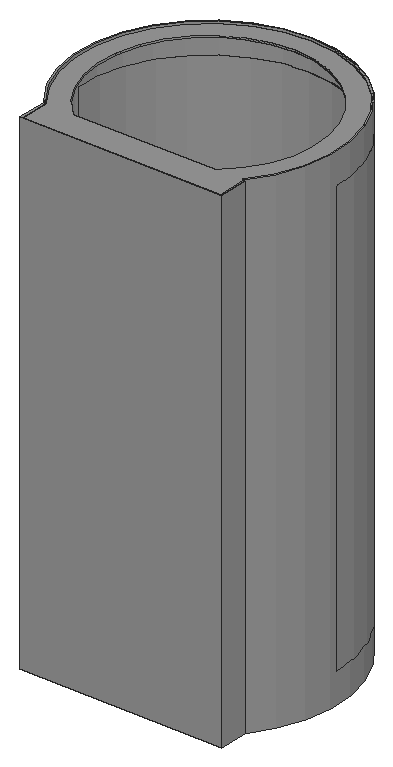
Revit family "3325 Björk_Waste bin", category Furniture Systems, host Wall, Revit 2017
Family settings
  Host = Wall
  Round Connector Dimension = Use Diameter
  Part Type = Normal
  Always vertical = Yes
  Cut with Voids When Loaded = No
  Shared = No
  Room Calculation Point = No
Parameters (values of type "BLACK")
  URL = "http://www.dandryer.com/en-gb/products/waste-sanitary-bins"
  Manufacturer = "Dan Dryer A/S"
  Karosseri = BLACK
  Front = BLACK
  Description = "Waste bin"
Reference planes
  plane 1 "Wall": y = 0
  plane 2 "Center (Left/Right)": x = 125
  plane 3 "Back": y = 75
Text (mm)
  text "Placement Side" at (-1848.837, 1116.779, 0), in view "Ref. Level"
  text "Placement side" at (0, 1409.804, 2854.306), in view "Left"
  text "Placement side" at (0, 499.811, 2980.732), in view "Right"
Dimensions and locks
  locked: plane 3 "Back" to host wall
  aligned and locked: plane 1 "Wall" to host wall
  aligned and locked: nested 1 to plane 3 "Back"
Nested families
  nested 1: "Master 3320 Waste bin" at (123.673, 75, 360) x (-1, 0, 0) z (0, 0, 1), type "Master 3320 Waste bin"
Definition of nested family "Master 3320 Waste bin"
  Parameters (values of type "Master 3320 Waste bin")
    Karosseri = none
    Front = none
  Reference planes
    plane 1 "Center (Front/Back)": y = 0
    plane 2: z = 0
    plane 3 "Center (Left/Right)": x = 0
  Forms (mm)
    Extrusion 1, solid, material <- "Karosseri"
      sketch origin (0, -111, 0) x (1, 0, 0) y (0, 1, 0)
        loop
          arc (-101.5, 81.227) -> (0, -130) -> (101.5, 81.227) r 130
          line (101.5, 81.227) -> (99.572, 81.227)
          arc (99.572, 81.227) -> (0, -128.5) -> (-99.572, 81.227) r 128.5
          line (-99.572, 81.227) -> (-101.5, 81.227)
      from 0 to 500
    Extrusion 2, solid, material <- "Karosseri"
      sketch origin (0, -111, 0) x (1, 0, 0) y (0, 1, 0)
        loop
          line (-101.5, 111) -> (-101.5, 81.227) -> (-99.572, 81.227) -> (-99.572, 109.5) -> (99.572, 109.5) -> (99.572, 81.227) -> (101.5, 81.227) -> (101.5, 111) -> (-101.5, 111)
      from 0 to 498
    Extrusion 3, solid, material <- "Karosseri"
      sketch origin (-149.841, -111, 498) x (0, -1, 0) y (-1, 0, 0)
        loop
          line (-81.227, -77.907) -> (-81.227, -221.775)
          arc (-81.227, -221.775) -> (108.5, -149.841) -> (-81.227, -77.907) r 108.5
        loop
          arc (-81.227, -249.413) -> (128.5, -149.841) -> (-81.227, -50.27) r 128.5
          line (-81.227, -50.27) -> (-109.5, -50.27) -> (-109.5, -249.413) -> (-81.227, -249.413)
      from 0 to 1.5
    Extrusion 4, solid, material <- "Karosseri"
      sketch origin (0, -111, 0) x (1, 0, 0) y (0, 1, 0)
        loop
          line (99.572, 109.5) -> (-99.572, 109.5) -> (-99.572, 81.227)
          arc (-99.572, 81.227) -> (0, -128.5) -> (99.572, 81.227) r 128.5
          line (99.572, 81.227) -> (99.572, 109.5)
      from 0 to 1.5
    Extrusion 5, void
      sketch origin (168.514, -111, 31) x (0, -1, 0) y (-1, 0, 0)
        loop
          spline (-4.107, 32.134) -> (30.905, 36.156) -> (63.683, 49.102) -> (91.994, 70.091) -> (113.907, 97.691) -> (127.931, 130.023) -> (133.108, 164.883) -> (129.086, 199.895) -> (116.14, 232.673) -> (95.152, 260.983) -> (67.551, 282.897) -> (35.219, 296.92) -> (0.359, 302.097)
          line (0.359, 302.097) -> (-4.107, 32.134)
      from 0 to -438
    Extrusion 6, solid, material <- "Front"
      sketch origin (0, -111, 0) x (1, 0, 0) y (0, 1, 0)
        loop
          arc (128.438, 3.975) -> (2.125, -128.482) -> (-128.5, -0.275) r 128.5
          line (-128.5, -0.275) -> (-129.997, 0.869)
          arc (-129.997, 0.869) -> (2.112, -129.983) -> (129.9, 5.092) r 130
          line (129.9, 5.092) -> (128.438, 3.975)
      from 31 to 469
  Cuts and joins
    Extrusion 5 cuts Extrusion 1
    Extrusion 5 cuts Extrusion 4
  Dimensions and locks
    aligned and locked: level to plane 2
    aligned and locked: Extrusion 6 to cut or joined group of Extrusion 1, Extrusion 5  (x4)
